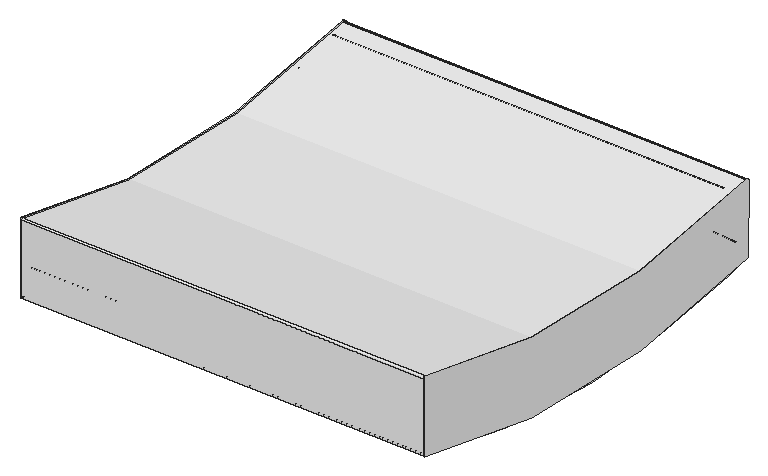
Revit family "SLSX2X2", category Lighting Fixtures, host Ceiling, Revit 2019
Family settings
  Host = Ceiling
  Round Connector Dimension = Use Diameter
  Part Type = Normal
  OmniClass Number = 23.80.70.11.14.17
  OmniClass Title = Direct/Indirect
  Always vertical = Yes
  Cut with Voids When Loaded = No
  Light Source = Yes
  Shared = No
  Room Calculation Point = No
Parameters (values of type "SLSX2X2-LED840K050LUNV")
  Width = 1' - 10 1/2"
  Wattage = 47 W
  built-in parameter 1150110 = 1 (stored number, unit not read)
  Voltage = 120 V
  URL = "https://viscor.com/products/slsx"
  built-in parameter 1114217 = 0.9 (stored number, unit not read)
  Tilt Angle = 90.00°
  built-in parameter 1150109 = 1 (stored number, unit not read)
  built-in parameter 1150134 = 12
  built-in parameter 1150113 = 1 (stored number, unit not read)
  Photometric Web File = "SLSX2X2-LED840K050LUNV.ies"
  Model = "SLSX"  # constant formula
  Manufacturer = "VISIONEERING by VISCOR"  # constant formula
  Lumens = 5011.14 lm
  built-in parameter 1150115 = 1 (stored number, unit not read)
  built-in parameter 1150105 = 398.77 (stored number, unit not read)
  built-in parameter 1150137 = (empty or 0)
  built-in parameter 1150139 = (empty or 0)
  Lens Finish = Acrylic - Viscor - Opal White Square
  Lens Depth = 0' - 5 15/32"
  Length = 1' - 10 1/2"
  Lamp Wattage = 47 VA
  built-in parameter 1150112 = 1 (stored number, unit not read)
  built-in parameter 1150114 = 1 (stored number, unit not read)
  Lamp = "LED"  # constant formula
  built-in parameter 1150132 = (empty or 0)
  built-in parameter 1150102 = (empty or 0)
  built-in parameter 1150138 = (empty or 0)
  built-in parameter 1150107 = 4000 (stored number, unit not read)
  built-in parameter 1150106 = 3.9877 (stored number, unit not read)
  Housing Finish = Metal - Viscor - White
  Emit from Rectangle Width = Width  # 1' - 10 1/2"
  Emit from Rectangle Length = Length  # 1' - 10 1/2"
  Emit from Rectangle Height = Lens Depth  # 0' - 5 15/32"
  Emit Shape Visible in Rendering = no
  built-in parameter 1150104 = 9.9053 (stored number, unit not read)
  Dimming Lamp Color Temperature Shift = <None>
  Description = "Architectural Pendant with Convex lens"  # constant formula
  Color Filter = 16777215
  built-in parameter 1114218 = 1 (stored number, unit not read)
  built-in parameter 1150133 = 10 (stored number, unit not read)
  Assembly Code = "D5020200"
  Apparent Load = Lamp Wattage  # 47 VA
Types (5): name | Wattage | URL | Photometric Web File | Lumens | built-in parameter 1150105 | Lens Depth | Lamp Wattage | built-in parameter 1150106 | Emit from Rectangle Height | built-in parameter 1150104 | Apparent Load
  (no name) | 47 W | "https://viscor.com/products/slsx" | "SLSX2X2-LED840K050LUNV.ies" | 5011.14 lm | 398.77 (stored number, unit not read) | 0' - 5 15/32" | 47 VA | 3.9877 (stored number, unit not read) | 0' - 5 15/32" | 9.9053 (stored number, unit not read) | 47 VA
  SLSX2X2-LED840K024LUNV | 22.9429 W | "https://viscor.com/products/slsx" | "SLSX2X2-LED840K024LUNV.ies" | 2409 lm | 191.7 (stored number, unit not read) | 0' - 0 7/32" | 23 VA | 1.917 (stored number, unit not read) | 0' - 0 7/32" | 9.7548 (stored number, unit not read) | 23 VA
  SLSX2X2-LED840K034LUNV | 31.8981 W | "https://viscor.com/products/slsx" | "SLSX2X2-LED840K034LUNV.ies" | 3445 lm | 274.14 (stored number, unit not read) | 0' - 0 7/32" | 32 VA | 2.7414 (stored number, unit not read) | 0' - 0 7/32" | 10.034 (stored number, unit not read) | 32 VA
  SLSX2X2-LED840K040LUNV | 37.0926 W | "https://viscor.com/products/slsv" | "SLSX2X2-LED840K040LUNV.ies" | 4006 lm | 318.79 (stored number, unit not read) | 0' - 5 15/32" | 37 VA | 3.1879 (stored number, unit not read) | 0' - 5 15/32" | 10.034 (stored number, unit not read) | 37 VA
  SLSX2X2-LED840K050LUNV | 47 W | "https://viscor.com/products/slsx" | "SLSX2X2-LED840K050LUNV.ies" | 5011.14 lm | 398.77 (stored number, unit not read) | 0' - 5 15/32" | 47 VA | 3.9877 (stored number, unit not read) | 0' - 5 15/32" | 9.9053 (stored number, unit not read) | 47 VA
Reference planes (in)
  plane 1 "Light Source Axis (F/B)": y = 0
  plane 2 "Ceiling": z = 96
  plane 3 "Light Source Axis (L/R)": x = 0
  plane 4 "Light Source Elevation": z = 90.53125
  plane 5: y = 11.25
  plane 6: y = -11.25
  plane 7: x = -11.25
  plane 8: x = 11.25
  plane 9 "Lens Depth": z = 90.53125
  plane 10: x = -11.21875
  plane 11: x = 11.21875
Forms (in)
  Extrusion 1, solid, material "Metal - Viscor - White" <- "Housing Finish"
    sketch origin (0, 0, 0) x (0, 1, 0) y (0, 0, 1)
      loop
        arc (11.16305, 95.72572) -> (0, 94.24818) -> (-11.16305, 95.72572) r 42.908
        arc (-11.16305, 95.72572) -> (-11.22297, 95.71387) -> (-11.25, 95.6591) r 0.069
        line (-11.25, 95.6591) -> (-11.25, 91.78125) -> (-11.21875, 91.78125) -> (-11.21875, 95.6591)
        arc (-11.21875, 95.6591) -> (-11.20396, 95.68906) -> (-11.17118, 95.69555) r 0.03775
        arc (-11.17118, 95.69555) -> (0, 94.21693) -> (11.17118, 95.69555) r 42.93925
        arc (11.17118, 95.69555) -> (11.20396, 95.68906) -> (11.21875, 95.6591) r 0.03775
        line (11.21875, 95.6591) -> (11.21875, 91.78125) -> (11.25, 91.78125) -> (11.25, 95.6591)
        arc (11.25, 95.6591) -> (11.22297, 95.71387) -> (11.16305, 95.72572) r 0.069
    from -11.21875 to 11.21875
  Extrusion 2, solid, material "Metal - Viscor - White" <- "Housing Finish"
    sketch origin (0, 0, 0) x (0, 1, 0) y (0, 0, 1)
      loop
        line (11.25, 91.78125) -> (11.25, 95.68981)
        arc (11.25, 95.68981) -> (11.22258, 95.74537) -> (11.1618, 95.75741) r 0.07
        arc (11.1618, 95.75741) -> (0, 94.28125) -> (-11.1618, 95.75741) r 42.9375
        arc (-11.1618, 95.75741) -> (-11.22258, 95.74537) -> (-11.25, 95.68981) r 0.07
        line (-11.25, 95.68981) -> (-11.25, 91.78125)
        arc (-11.25, 91.78125) -> (0, 90.28125) -> (11.25, 91.78125) r 42.9375
    from 11.21875 to 11.25
  Extrusion 3, solid, material "Metal - Viscor - White" <- "Housing Finish"
    sketch origin (0, 0, 0) x (0, 1, 0) y (0, 0, -1)
      loop
        arc (11.25, -91.78125) -> (0, -90.28125) -> (-11.25, -91.78125) r 42.9375
        line (-11.25, -91.78125) -> (-11.25, -95.68981)
        arc (-11.25, -95.68981) -> (-11.22258, -95.74537) -> (-11.1618, -95.75741) r 0.07
        arc (-11.1618, -95.75741) -> (0, -94.28125) -> (11.1618, -95.75741) r 42.9375
        arc (11.1618, -95.75741) -> (11.22258, -95.74537) -> (11.25, -95.68981) r 0.07
        line (11.25, -95.68981) -> (11.25, -91.78125)
    from 11.21875 to 11.25
  Extrusion 4, solid, material "Acrylic - Viscor - Opal White Square" <- "Lens Finish"
    sketch origin (0, 0, 0) x (0, 1, 0) y (0, 0, 1)
      loop
        line (11.1875, 92.78234) -> (11.1475, 92.78234) -> (11.1475, 91.87458)
        arc (11.1475, 91.87458) -> (11.13912, 91.85042) -> (11.11757, 91.83665) r 0.039
        line (11.11757, 91.83665) -> (10.69191, 91.73483) -> (9.96249, 91.56033)
        arc (9.96249, 91.56033) -> (7.77862, 91.09774) -> (5.57361, 90.74959) r 42.821
        line (5.57361, 90.74959) -> (4.82952, 90.65852)
        arc (4.82952, 90.65852) -> (2.60571, 90.46466) -> (0.37482, 90.38694) r 42.821
        line (0.37482, 90.38694) -> (-0.37482, 90.38694)
        arc (-0.37482, 90.38694) -> (-2.60571, 90.46466) -> (-4.82952, 90.65852) r 42.821
        line (-4.82952, 90.65852) -> (-5.57361, 90.74959)
        arc (-5.57361, 90.74959) -> (-7.77862, 91.09774) -> (-9.96249, 91.56033) r 42.821
        line (-9.96249, 91.56033) -> (-10.69191, 91.73483) -> (-11.11757, 91.83665)
        arc (-11.11757, 91.83665) -> (-11.13912, 91.85042) -> (-11.1475, 91.87458) r 0.039
        line (-11.1475, 91.87458) -> (-11.1475, 92.78234) -> (-11.1875, 92.78234) -> (-11.1875, 91.87458)
        arc (-11.1875, 91.87458) -> (-11.17052, 91.82565) -> (-11.12688, 91.79775) r 0.079
        line (-11.12688, 91.79775) -> (-10.70122, 91.69592) -> (-9.9718, 91.52143)
        arc (-9.9718, 91.52143) -> (-7.7858, 91.05839) -> (-5.57865, 90.7099) r 42.861
        line (-5.57865, 90.7099) -> (-4.8342, 90.6188)
        arc (-4.8342, 90.6188) -> (-2.60814, 90.42473) -> (-0.375, 90.34694) r 42.861
        line (-0.375, 90.34694) -> (0.375, 90.34694)
        arc (0.375, 90.34694) -> (2.60814, 90.42473) -> (4.8342, 90.6188) r 42.861
        line (4.8342, 90.6188) -> (5.57865, 90.7099)
        arc (5.57865, 90.7099) -> (7.7858, 91.05839) -> (9.9718, 91.52143) r 42.861
        line (9.9718, 91.52143) -> (10.70122, 91.69592) -> (11.12688, 91.79775)
        arc (11.12688, 91.79775) -> (11.17052, 91.82565) -> (11.1875, 91.87458) r 0.079
        line (11.1875, 91.87458) -> (11.1875, 92.78234)
    from -11.21875 to 11.21875
  Extrusion 5, solid, material "Metal - Viscor - White" <- "Housing Finish"
    sketch origin (0, 0, 0) x (0, 1, 0) y (0, 0, 1)
      loop
        line (10.501, 93.7865) -> (10.501, 92.99118)
        arc (10.501, 92.99118) -> (10.47915, 92.95616) -> (10.43807, 92.96039) r 0.039
        line (10.43807, 92.96039) -> (8.45036, 94.5045) -> (8.03339, 94.82841)
        arc (8.03339, 94.82841) -> (8.00758, 94.84091) -> (7.97893, 94.84184) r 0.069
        line (7.97893, 94.84184) -> (7.51693, 94.75935) -> (7.52242, 94.72859) -> (8.00095, 94.81403) -> (8.43119, 94.47982) -> (10.4189, 92.93571)
        arc (10.4189, 92.93571) -> (10.49288, 92.92809) -> (10.53225, 92.99118) r 0.07025
        line (10.53225, 92.99118) -> (10.53225, 93.7865) -> (10.501, 93.7865)
    from -11.21875 to 11.21875
  Extrusion 6, solid, material "Metal - Viscor - White" <- "Housing Finish"
    sketch origin (0, 0, 0) x (0, -1, 0) y (0, 0, -1)
      loop
        line (10.501, -93.7865) -> (10.53225, -93.7865) -> (10.53225, -92.99118)
        arc (10.53225, -92.99118) -> (10.49288, -92.92809) -> (10.4189, -92.93571) r 0.07025
        line (10.4189, -92.93571) -> (8.43119, -94.47982) -> (8.00095, -94.81403) -> (7.52242, -94.72859) -> (7.51693, -94.75935) -> (7.97893, -94.84184)
        arc (7.97893, -94.84184) -> (8.00758, -94.84091) -> (8.03339, -94.82841) r 0.069
        line (8.03339, -94.82841) -> (8.45036, -94.5045) -> (10.43807, -92.96039)
        arc (10.43807, -92.96039) -> (10.47915, -92.95616) -> (10.501, -92.99118) r 0.039
        line (10.501, -92.99118) -> (10.501, -93.7865)
    from -11.21875 to 11.21875
  Extrusion 7, solid, material "Metal - Viscor - White" <- "Housing Finish"
    sketch origin (0, 0, 0) x (0, 1, 0) y (0, 0, 1)
      loop
        line (10.5, 93.40625) -> (10.5, 95.32768)
        arc (10.5, 95.32768) -> (10.47641, 95.37635) -> (10.42359, 95.38799) r 0.062
        line (10.42359, 95.38799) -> (8.99579, 95.04678) -> (5.73504, 94.46464) -> (2.87366, 94.16925) -> (-0.00134, 94.07068) -> (-2.87633, 94.16943) -> (-5.73789, 94.46505) -> (-8.99579, 95.04678) -> (-10.42359, 95.38799)
        arc (-10.42359, 95.38799) -> (-10.47641, 95.37635) -> (-10.5, 95.32768) r 0.062
        line (-10.5, 95.32768) -> (-10.5, 93.40625) -> (-10.46875, 93.40625) -> (-10.46875, 95.32768)
        arc (-10.46875, 95.32768) -> (-10.45705, 95.35182) -> (-10.43085, 95.35759) r 0.03075
        line (-10.43085, 95.35759) -> (-9.00218, 95.01618) -> (-5.74225, 94.43408) -> (-2.87848, 94.13823) -> (-0.00134, 94.03941) -> (2.8758, 94.13805) -> (5.7394, 94.43368) -> (9.00218, 95.01618) -> (10.43085, 95.35759)
        arc (10.43085, 95.35759) -> (10.45705, 95.35182) -> (10.46875, 95.32768) r 0.03075
        line (10.46875, 95.32768) -> (10.46875, 93.40625) -> (10.5, 93.40625)
    from -11.21875 to 11.21875
Dimensions and locks (in)
  equal spacing: host sketch curve, plane 3 "Light Source Axis (L/R)", host sketch curve
  equal spacing: host sketch curve, plane 1 "Light Source Axis (F/B)", host sketch curve
  host sketch curve to host sketch curve = 10' - 0"  (x2)
  equal spacing: plane 7, plane 3 "Light Source Axis (L/R)", plane 8
  "Length": plane 7 to plane 8
  equal spacing: plane 5, plane 1 "Light Source Axis (F/B)", plane 6
  "Width": plane 5 to plane 6
  "Emit from Rectangle Height": plane 4 "Light Source Elevation" to plane 2 "Ceiling"
  "Lens Depth": plane 2 "Ceiling" to plane 9 "Lens Depth"
  locked: plane 11 to plane 8 at 0.03125
  locked: plane 10 to plane 7 at 0.03125
  aligned and locked: plane 3 "Light Source Axis (L/R)" to imposter light
  aligned and locked: plane 1 "Light Source Axis (F/B)" to imposter light
  aligned and locked: plane 4 "Light Source Elevation" to imposter light
  aligned and locked: Extrusion 1 to plane 10
  aligned and locked: plane 11 to Extrusion 1
  aligned and locked: plane 8 to Extrusion 2
  aligned and locked: Extrusion 2 to plane 11
  aligned and locked: Extrusion 3 to plane 7
  aligned and locked: plane 10 to Extrusion 3
  aligned and locked: plane 11 to Extrusion 4
  aligned and locked: Extrusion 4 to plane 10
  aligned and locked: Extrusion 5 to plane 10
  aligned and locked: Extrusion 6 to plane 10
  aligned and locked: plane 11 to Extrusion 6
  aligned and locked: plane 11 to Extrusion 5
  aligned and locked: Extrusion 7 to plane 10
  aligned and locked: plane 11 to Extrusion 7
Automatic sketch dimensions
  Extrusion 1 sketch curve to Extrusion 1 sketch curve = 0' - 0"  (x8)
  Extrusion 1 sketch curve to plane 6 = 0' - 0"
  Extrusion 1 sketch curve to plane 1 "Light Source Axis (F/B)" = 0' - 0"
  Extrusion 1 sketch curve to plane 5 = 0' - 0"
  Extrusion 1 sketch curve to Extrusion 1 sketch curve = 0' - 0 1/32"
  Extrusion 1 sketch curve to Extrusion 1 sketch curve = 0' - 0.03775"
  Extrusion 1 sketch curve to plane 5 = 0' - 0.069"
  Extrusion 1 sketch curve to plane 5 = 0' - 0 1/32"
  Extrusion 1 sketch curve to plane 4 "Light Source Elevation" = 0' - 1 1/4"  (x2)
  Extrusion 1 sketch curve to plane 2 "Ceiling" = 0' - 0.3409"  (x2)
  plane 2 "Ceiling" to Extrusion 1 sketch curve = 3' - 5.15618"
  Extrusion 2 sketch curve to plane 6 = 0' - 0"
  Extrusion 2 sketch curve to plane 1 "Light Source Axis (F/B)" = 0' - 0"  (x2)
  Extrusion 2 sketch curve to plane 5 = 0' - 0"
  Extrusion 2 sketch curve to Extrusion 2 sketch curve = 0' - 0.07"
  Extrusion 2 sketch curve to plane 5 = 0' - 0.07"
  Extrusion 2 sketch curve to plane 4 "Light Source Elevation" = 0' - 1 1/4"
  Extrusion 2 sketch curve to plane 2 "Ceiling" = 0' - 0.31019"  (x2)
  plane 2 "Ceiling" to Extrusion 2 sketch curve = 3' - 1 7/32"
  Extrusion 2 sketch curve to Extrusion 2 sketch curve = 0' - 4"
  Extrusion 2 sketch curve to Extrusion 2 sketch curve = 0' - 0"
  Extrusion 3 sketch curve to plane 6 = 0' - 0"
  Extrusion 3 sketch curve to plane 1 "Light Source Axis (F/B)" = 0' - 0"  (x2)
  Extrusion 3 sketch curve to plane 5 = 0' - 0"
  Extrusion 3 sketch curve to Extrusion 3 sketch curve = 0' - 0.07"
  Extrusion 3 sketch curve to plane 5 = 0' - 0.07"
  plane 2 "Ceiling" to Extrusion 3 sketch curve = 3' - 5 7/32"
  Extrusion 3 sketch curve to Extrusion 3 sketch curve = 0' - 4"
  Extrusion 3 sketch curve to plane 2 "Ceiling" = 0' - 0.31019"  (x2)
  Extrusion 3 sketch curve to plane 4 "Light Source Elevation" = 0' - 1 1/4"
  Extrusion 3 sketch curve to Extrusion 3 sketch curve = 0' - 0"
  Extrusion 4 sketch curve to Extrusion 4 sketch curve = 0' - 0"  (x60)
  Extrusion 4 sketch curve to plane 1 "Light Source Axis (F/B)" = 0' - 0"
  plane 4 "Light Source Elevation" to Extrusion 4 sketch curve = 0' - 0.14431"
  plane 1 "Light Source Axis (F/B)" to Extrusion 4 sketch curve = 0' - 0.37482"
  Extrusion 4 sketch curve to Extrusion 4 sketch curve = 0' - 0.00018"  (x2)
  Extrusion 4 sketch curve to plane 4 "Light Source Elevation" = 0' - 0.12727"  (x2)
  Extrusion 4 sketch curve to Extrusion 4 sketch curve = 0' - 4.45469"
  Extrusion 4 sketch curve to plane 4 "Light Source Elevation" = 0' - 0.08755"  (x2)
  Extrusion 4 sketch curve to Extrusion 4 sketch curve = 0' - 0.00469"
  Extrusion 4 sketch curve to plane 4 "Light Source Elevation" = 0' - 0.21834"  (x2)
  Extrusion 4 sketch curve to Extrusion 4 sketch curve = 0' - 0.7441"  (x2)
  Extrusion 4 sketch curve to plane 4 "Light Source Elevation" = 0' - 0.17865"  (x2)
  Extrusion 4 sketch curve to Extrusion 4 sketch curve = 0' - 0.00503"  (x2)
  Extrusion 4 sketch curve to plane 4 "Light Source Elevation" = 0' - 1.02908"  (x2)
  Extrusion 4 sketch curve to plane 4 "Light Source Elevation" = 0' - 0.99018"  (x2)
  plane 6 to Extrusion 4 sketch curve = 0' - 0.55809"
  Extrusion 4 sketch curve to Extrusion 4 sketch curve = 0' - 0.00931"  (x4)
  plane 6 to Extrusion 4 sketch curve = 0' - 0.1415"
  Extrusion 4 sketch curve to Extrusion 4 sketch curve = 0' - 0.00907"  (x2)
  plane 6 to Extrusion 4 sketch curve = 0' - 0.1025"
  Extrusion 4 sketch curve to Extrusion 4 sketch curve = 0' - 0.04"  (x2)
  Extrusion 4 sketch curve to plane 1 "Light Source Axis (F/B)" = 0' - 0.37482"
  Extrusion 4 sketch curve to plane 5 = 0' - 0.55809"
  Extrusion 4 sketch curve to plane 5 = 0' - 0.1415"
  Extrusion 4 sketch curve to plane 5 = 0' - 0.1025"
  Extrusion 4 sketch curve to Extrusion 4 sketch curve = 0' - 0.17449"  (x2)
  Extrusion 4 sketch curve to Extrusion 4 sketch curve = 0' - 0.0389"  (x2)
  Extrusion 4 sketch curve to Extrusion 4 sketch curve = 0' - 0.10183"  (x2)
  Extrusion 4 sketch curve to Extrusion 4 sketch curve = 0' - 0.90776"  (x2)
  Extrusion 5 sketch curve to Extrusion 5 sketch curve = 0' - 0"  (x2)
  Extrusion 5 sketch curve to plane 2 "Ceiling" = 0' - 1.24065"
  Extrusion 5 sketch curve to plane 5 = 0' - 3.73307"
  Extrusion 5 sketch curve to plane 2 "Ceiling" = 0' - 1.27141"
  Extrusion 5 sketch curve to Extrusion 5 sketch curve = 0' - 0.00549"
  Extrusion 5 sketch curve to plane 2 "Ceiling" = 0' - 1.15816"
  Extrusion 5 sketch curve to Extrusion 5 sketch curve = 0' - 0.01213"
  Extrusion 5 sketch curve to plane 2 "Ceiling" = 0' - 1.18597"
  Extrusion 5 sketch curve to plane 2 "Ceiling" = 0' - 1.17159"
  Extrusion 5 sketch curve to Extrusion 5 sketch curve = 0' - 0.03243"
  Extrusion 5 sketch curve to Extrusion 5 sketch curve = 0' - 0.3978"
  Extrusion 5 sketch curve to Extrusion 5 sketch curve = 0' - 0.01917"  (x2)
  Extrusion 5 sketch curve to plane 5 = 0' - 0.8311"
  Extrusion 5 sketch curve to Extrusion 5 sketch curve = 0' - 0.02393"
  Extrusion 5 sketch curve to plane 5 = 0' - 0.749"
  Extrusion 5 sketch curve to Extrusion 5 sketch curve = 0' - 0 1/32"
  Extrusion 5 sketch curve to Extrusion 5 sketch curve = 0' - 0.32391"
  Extrusion 5 sketch curve to Extrusion 5 sketch curve = 0' - 0.02468"
  Extrusion 5 sketch curve to Extrusion 5 sketch curve = 0' - 0.71799"
  Extrusion 5 sketch curve to Extrusion 5 sketch curve = 0' - 0.79532"
  Extrusion 6 sketch curve to Extrusion 6 sketch curve = 0' - 0"  (x2)
  plane 2 "Ceiling" to Extrusion 6 sketch curve = 0' - 1.24065"
  Extrusion 6 sketch curve to plane 6 = 0' - 3.73307"
  plane 2 "Ceiling" to Extrusion 6 sketch curve = 0' - 1.27141"
  Extrusion 6 sketch curve to Extrusion 6 sketch curve = 0' - 0.00549"
  plane 2 "Ceiling" to Extrusion 6 sketch curve = 0' - 1.15816"
  Extrusion 6 sketch curve to Extrusion 6 sketch curve = 0' - 0.01213"
  plane 2 "Ceiling" to Extrusion 6 sketch curve = 0' - 1.18597"
  plane 2 "Ceiling" to Extrusion 6 sketch curve = 0' - 1.17159"
  Extrusion 6 sketch curve to Extrusion 6 sketch curve = 0' - 0.03243"
  Extrusion 6 sketch curve to Extrusion 6 sketch curve = 0' - 0.3978"
  Extrusion 6 sketch curve to Extrusion 6 sketch curve = 0' - 0.01917"  (x2)
  Extrusion 6 sketch curve to plane 6 = 0' - 0.8311"
  Extrusion 6 sketch curve to Extrusion 6 sketch curve = 0' - 0.02393"
  Extrusion 6 sketch curve to plane 6 = 0' - 0.749"
  Extrusion 6 sketch curve to Extrusion 6 sketch curve = 0' - 0 1/32"
  Extrusion 6 sketch curve to Extrusion 6 sketch curve = 0' - 0.32391"
  Extrusion 6 sketch curve to Extrusion 6 sketch curve = 0' - 0.02468"
  Extrusion 6 sketch curve to Extrusion 6 sketch curve = 0' - 0.71799"
  Extrusion 6 sketch curve to Extrusion 6 sketch curve = 0' - 0.79532"
  Extrusion 7 sketch curve to Extrusion 7 sketch curve = 0' - 0"  (x4)
  plane 6 to Extrusion 7 sketch curve = 0' - 0 3/4"
  Extrusion 7 sketch curve to Extrusion 7 sketch curve = 0' - 0 1/32"  (x3)
  Extrusion 7 sketch curve to Extrusion 7 sketch curve = 0' - 0.03075"
  Extrusion 7 sketch curve to Extrusion 7 sketch curve = 0' - 0.00715"  (x2)
  Extrusion 7 sketch curve to Extrusion 7 sketch curve = 0' - 0.00726"  (x2)
  Extrusion 7 sketch curve to plane 2 "Ceiling" = 0' - 0.98382"  (x2)
  Extrusion 7 sketch curve to Extrusion 7 sketch curve = 0' - 1.42868"
  Extrusion 7 sketch curve to plane 2 "Ceiling" = 0' - 0.95322"  (x2)
  Extrusion 7 sketch curve to Extrusion 7 sketch curve = 0' - 0.00638"  (x2)
  Extrusion 7 sketch curve to plane 2 "Ceiling" = 0' - 1.56592"
  Extrusion 7 sketch curve to Extrusion 7 sketch curve = 0' - 3.25354"
  Extrusion 7 sketch curve to plane 2 "Ceiling" = 0' - 1.53495"
  Extrusion 7 sketch curve to Extrusion 7 sketch curve = 0' - 0.00436"  (x2)
  Extrusion 7 sketch curve to Extrusion 7 sketch curve = 0' - 2.85942"
  Extrusion 7 sketch curve to Extrusion 7 sketch curve = 0' - 0.00214"  (x2)
  plane 1 "Light Source Axis (F/B)" to Extrusion 7 sketch curve = 0' - 0.00134"  (x2)
  Extrusion 7 sketch curve to plane 1 "Light Source Axis (F/B)" = 0' - 2.87366"
  Extrusion 7 sketch curve to plane 2 "Ceiling" = 0' - 1.53536"
  Extrusion 7 sketch curve to Extrusion 7 sketch curve = 0' - 2.86138"
  Extrusion 7 sketch curve to plane 2 "Ceiling" = 0' - 1.56632"
  Extrusion 7 sketch curve to plane 5 = 0' - 2.25421"
  Extrusion 7 sketch curve to plane 5 = 0' - 0.82641"
  Extrusion 7 sketch curve to plane 5 = 0' - 0 25/32"
  Extrusion 7 sketch curve to plane 2 "Ceiling" = 0' - 1.83057"
  Extrusion 7 sketch curve to plane 2 "Ceiling" = 0' - 1.83075"
  Extrusion 7 sketch curve to Extrusion 7 sketch curve = 0' - 0.03119"  (x2)
  Extrusion 7 sketch curve to plane 2 "Ceiling" = 0' - 1.92932"
  Extrusion 7 sketch curve to Extrusion 7 sketch curve = 0' - 1.60993"
  Extrusion 7 sketch curve to plane 2 "Ceiling" = 0' - 0.67232"  (x2)
  Extrusion 7 sketch curve to Extrusion 7 sketch curve = 0' - 1.92143"
Connectors (in)
  electrical at (0, 0, 96), driven by "Voltage", driven by "Apparent Load"
    settings: index 1, voltage 120 V, apparent load 0 VA, apparent load phase1 47 VA, apparent load phase2 0 VA, apparent load phase3 0 VA, power factor 1, load classification "Other", number of poles 1, system type 31, power factor state 1, is connector primary yes, connector utility no, sub classification motor no, connector description ""
